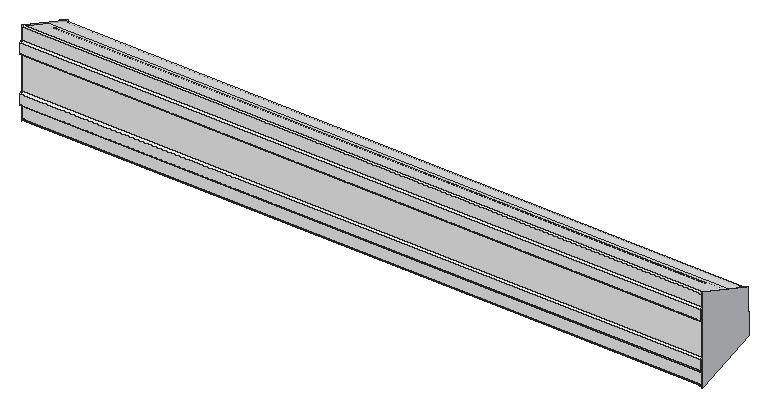
Revit family "LTRI", category Lighting Fixtures, host Wall, Revit 2019
Family settings
  Host = Wall
  Round Connector Dimension = Use Diameter
  Part Type = Normal
  OmniClass Number = 23.80.70.11.14
  OmniClass Title = General Luminaries, Directional
  Always vertical = Yes
  Cut with Voids When Loaded = No
  Light Source = Yes
  Shared = No
  Room Calculation Point = No
Parameters (values of type "LTRI48-LED840K050LUNV")
  Wattage = 34 W
  built-in parameter 1150110 = 1 (stored number, unit not read)
  Voltage = 120 V
  URL = "https://www.viscor.com/en/products/ltri"
  built-in parameter 1114217 = 0.9 (stored number, unit not read)
  Tilt Angle = 180.00°
  built-in parameter 1150109 = 1 (stored number, unit not read)
  built-in parameter 1150134 = 12
  built-in parameter 1150113 = 1 (stored number, unit not read)
  Photometric Web File = "LTRI48-LED840K050LUNV-G002231.IES"
  Model = "LTRI"  # constant formula
  Manufacturer = "VISIONEERING by VISCOR"  # constant formula
  Lumens = 5066 lm
  built-in parameter 1150115 = 1 (stored number, unit not read)
  built-in parameter 1150105 = 403.14 (stored number, unit not read)
  built-in parameter 1150137 = (empty or 0)
  built-in parameter 1150139 = (empty or 0)
  Lens Finish = Polycarbonate - Viscor -  Soft Matte White Opal
  Length = 3' - 9 15/256"
  Lamp Wattage = 34 VA
  built-in parameter 1150112 = 1 (stored number, unit not read)
  built-in parameter 1150114 = 1 (stored number, unit not read)
  Lamp = "LED"  # constant formula
  built-in parameter 1150132 = (empty or 0)
  built-in parameter 1150102 = (empty or 0)
  built-in parameter 1150138 = (empty or 0)
  built-in parameter 1150107 = 4000 (stored number, unit not read)
  built-in parameter 1150106 = 4.0314 (stored number, unit not read)
  Housing Finish = Metal - Viscor - White
  Emit from Line Length = Length  # 3' - 9 15/256"
  built-in parameter 1150104 = 13.843 (stored number, unit not read)
  Dimming Lamp Color Temperature Shift = <None>
  Description = " ADA Surface Mount LED Luminaire"  # constant formula
  Color Filter = 16777215
  built-in parameter 1114218 = 1 (stored number, unit not read)
  built-in parameter 1150133 = 10 (stored number, unit not read)
  Assembly Code = "D5020200"
  Apparent Load = Lamp Wattage  # 34 VA
Types (6): name | Wattage | Photometric Web File | Lumens | built-in parameter 1150105 | Length | Lamp Wattage | built-in parameter 1150106 | Emit from Line Length | built-in parameter 1150104 | Apparent Load
  (no name) | 34 W | "LTRI48-LED840K050LUNV-G002231.IES" | 5066 lm | 403.14 (stored number, unit not read) | 3' - 9 15/256" | 34 VA | 4.0314 (stored number, unit not read) | 3' - 9 15/256" | 13.843 (stored number, unit not read) | 34 VA
  LTRI24-LED840K010LUNV | 8 W | "LTRI24-LED840K010LUNV-G002212.IES" | 1032 lm | 82.124 (stored number, unit not read) | 1' - 11 15/256" | 8 VA | 0.82124 (stored number, unit not read) | 1' - 11 15/256" | 11.984 (stored number, unit not read) | 8 VA
  LTRI48-LED840K018LUNV | 13 W | "LTRI48-LED840K018LUNV-G002217.IES" | 1807 lm | 143.8 (stored number, unit not read) | 3' - 9 15/256" | 13 VA | 1.438 (stored number, unit not read) | 3' - 9 15/256" | 12.914 (stored number, unit not read) | 13 VA
  LTRI24-LED840K016LUNV | 15 W | "LTRI24-LED840K016LUNV-G002214.IES" | 1620 lm | 128.92 (stored number, unit not read) | 1' - 11 15/256" | 15 VA | 1.2892 (stored number, unit not read) | 1' - 11 15/256" | 10.034 (stored number, unit not read) | 15 VA
  LTRI48-LED840K037LUNV | 29 W | "LTRI48-LED840K037LUNV-G002229.IES" | 3770 lm | 300.01 (stored number, unit not read) | 3' - 9 15/256" | 29 VA | 3.0001 (stored number, unit not read) | 3' - 9 15/256" | 12.077 (stored number, unit not read) | 29 VA
  LTRI48-LED840K050LUNV | 34 W | "LTRI48-LED840K050LUNV-G002231.IES" | 5066 lm | 403.14 (stored number, unit not read) | 3' - 9 15/256" | 34 VA | 4.0314 (stored number, unit not read) | 3' - 9 15/256" | 13.843 (stored number, unit not read) | 34 VA
Reference planes (in)
  plane 1: y = 0
  plane 2 "Light Source Axis (F/B)": y = 8
  plane 3 "Light Source Axis (L/R)": x = -1.43133
  plane 4 "Light Source Elevation": z = 77.42225
  plane 5: x = -23.96062
  plane 6: x = 21.09797
  plane 7: x = -23.92937
  plane 8: x = 21.06672
  plane 9: x = -23.49312
  plane 10: x = 20.59922
  plane 11: x = 21.03547
  plane 12: x = -23.89812
Forms (in)
  Extrusion 1, solid, material "Metal - Viscor - White" <- "Housing Finish"
    sketch origin (-1.43133, 0, 0) x (0, -1, 0) y (0, 0, 1)
      loop
        arc (-3.2176, 74.64345) -> (-3.15442, 74.65177) -> (-3.125, 74.70829) r 0.069
        line (-3.125, 74.70829) -> (-3.125, 75.47232) -> (-3, 75.59732) -> (-3, 76.24718) -> (-3.125, 76.37218) -> (-3.125, 78.47232) -> (-3, 78.59732) -> (-3, 79.24718) -> (-3.125, 79.37218) -> (-3.125, 80.13621)
        arc (-3.125, 80.13621) -> (-3.15442, 80.19273) -> (-3.2176, 80.20105) r 0.069
        line (-3.2176, 80.20105) -> (-5.305, 79.44129) -> (-5.29431, 79.41193) -> (-3.20691, 80.17168)
        arc (-3.20691, 80.17168) -> (-3.17235, 80.16713) -> (-3.15625, 80.13621) r 0.03775
        line (-3.15625, 80.13621) -> (-3.15625, 79.35923) -> (-3.03125, 79.23423) -> (-3.03125, 78.61027) -> (-3.15625, 78.48527) -> (-3.15625, 76.35923) -> (-3.03125, 76.23423) -> (-3.03125, 75.61027) -> (-3.15625, 75.48527) -> (-3.15625, 74.70829)
        arc (-3.15625, 74.70829) -> (-3.17235, 74.67737) -> (-3.20691, 74.67282) r 0.03775
        line (-3.20691, 74.67282) -> (-5.29431, 75.43257) -> (-5.305, 75.4032) -> (-3.2176, 74.64345)
    from -22.49805 to 22.49805
  Extrusion 2, solid, material "Metal - Viscor - White" <- "Housing Finish"
    sketch origin (-1.43133, 0, 0) x (0, -1, 0) y (0, 0, 1)
      loop
        line (-4.9886, 75.41746) -> (-4.97791, 75.44682) -> (-5.2409, 75.54254)
        arc (-5.2409, 75.54254) -> (-5.26441, 75.56828) -> (-5.25682, 75.6023) r 0.03775
        line (-5.25682, 75.6023) -> (-4.96775, 75.94679) -> (-4.96775, 78.8977) -> (-5.25682, 79.2422)
        arc (-5.25682, 79.2422) -> (-5.26441, 79.27622) -> (-5.2409, 79.30196) r 0.03775
        line (-5.2409, 79.30196) -> (-4.97791, 79.39767) -> (-4.9886, 79.42704) -> (-5.2516, 79.33132)
        arc (-5.2516, 79.33132) -> (-5.2946, 79.28429) -> (-5.28074, 79.2221) r 0.069
        line (-5.28074, 79.2221) -> (-4.999, 78.88633) -> (-4.999, 75.95817) -> (-5.28074, 75.6224)
        arc (-5.28074, 75.6224) -> (-5.2946, 75.56021) -> (-5.2516, 75.51318) r 0.069
        line (-5.2516, 75.51318) -> (-4.9886, 75.41746)
    from -22.03055 to 22.0618
  Extrusion 3, solid, material "Polycarbonate - Viscor -  Soft Matte White Opal" <- "Lens Finish"
    sketch origin (-1.43133, 0, 0) x (0, -1, 0) y (0, 0, 1)
      loop
        line (-5, 79.51433) -> (-6.81986, 78.85196)
        arc (-6.81986, 78.85196) -> (-6.8671, 78.81571) -> (-6.885, 78.75893) r 0.099
        line (-6.885, 78.75893) -> (-6.885, 76.08557)
        arc (-6.885, 76.08557) -> (-6.8671, 76.02879) -> (-6.81986, 75.99254) r 0.099
        line (-6.81986, 75.99254) -> (-5, 75.33017) -> (-4.97996, 75.38523) -> (-6.79982, 76.0476)
        arc (-6.79982, 76.0476) -> (-6.8191, 76.06239) -> (-6.82641, 76.08557) r 0.04041
        line (-6.82641, 76.08557) -> (-6.82641, 78.75893)
        arc (-6.82641, 78.75893) -> (-6.8191, 78.7821) -> (-6.79982, 78.7969) r 0.04041
        line (-6.79982, 78.7969) -> (-4.97996, 79.45927) -> (-5, 79.51433)
    from -22.49805 to 22.49805
  Extrusion 4, solid, material "Metal - Viscor - White" <- "Housing Finish"
    sketch origin (-1.43133, 0, 0) x (0, -1, 0) y (0, 0, 1)
      loop
        line (-3.224, 74.92225) -> (-3.224, 79.92225) -> (-3.89002, 79.92225) -> (-4.9226, 79.5459)
        arc (-4.9226, 79.5459) -> (-4.95552, 79.52064) -> (-4.968, 79.48106) r 0.069
        line (-4.968, 79.48106) -> (-4.968, 75.36345)
        arc (-4.968, 75.36345) -> (-4.95552, 75.32387) -> (-4.92276, 75.29813) r 0.069
        line (-4.92276, 75.29813) -> (-3.89002, 74.92225) -> (-3.224, 74.92225)
    from 22.49805 to 22.5293
  Extrusion 5, solid
    sketch origin (-1.43133, 0, 0) x (0, -1, 0) y (0, 0, -1)
      loop
        line (-3.224, -74.92225) -> (-3.89002, -74.92225) -> (-4.92276, -75.29813)
        arc (-4.92276, -75.29813) -> (-4.95552, -75.32387) -> (-4.968, -75.36345) r 0.069
        line (-4.968, -75.36345) -> (-4.968, -79.48106)
        arc (-4.968, -79.48106) -> (-4.95552, -79.52064) -> (-4.9226, -79.5459) r 0.069
        line (-4.9226, -79.5459) -> (-3.89002, -79.92225) -> (-3.224, -79.92225) -> (-3.224, -74.92225)
    from 22.4668 to 22.49805
  Extrusion 6, solid
    sketch origin (-1.43133, 0, 0) x (0, -1, 0) y (0, 0, 1)
      loop
        line (-3.125, 74.57649) -> (-3.125, 80.268) -> (-6.91625, 78.8881) -> (-6.91625, 75.9564) -> (-3.125, 74.57649)
    from 22.4668 to 22.49805
  Extrusion 7, solid
    sketch origin (-1.43133, 0, 0) x (0, -1, 0) y (0, 0, -1)
      loop
        line (-3.125, -74.57649) -> (-6.91625, -75.9564) -> (-6.91625, -78.8881) -> (-3.125, -80.268) -> (-3.125, -74.57649)
    from 22.49805 to 22.5293
Text (in)
  text "Placement Side" at (0, 40.15149, 123.01588), in view "Right"
  text "Placement Side" at (-85.66089, 49.38177, 0), in view "Ref. Level"
  text "Placement Side" at (0, 85.69064, 140.59947), in view "Left"
Dimensions and locks (in)
  equal spacing: plane 5, plane 3 "Light Source Axis (L/R)", plane 6
  "Length": plane 5 to plane 6
  plane 5 to plane 7 to plane 3 "Light Source Axis (L/R)" = 0' - 0 1/32" locked, 1' - 10.49805"
  locked: plane 8 to plane 6 at 0.03125
  locked: plane 9 to plane 5 at 0.4675
  locked: plane 10 to plane 8 at 0.4675
  plane 9 to plane 12 to Extrusion 4 = 0' - 0.405", 0' - 0 1/32"
  Extrusion 7 to plane 11 to plane 10 = 0' - 0 1/32", 0' - 0.43625"
  aligned: level to host wall
  aligned and locked: plane 3 "Light Source Axis (L/R)" to imposter light
  aligned and locked: plane 2 "Light Source Axis (F/B)" to imposter light
  aligned and locked: plane 4 "Light Source Elevation" to imposter light
  aligned and locked: plane 8 to Extrusion 1
  aligned and locked: Extrusion 1 to plane 7
  aligned and locked: plane 10 to Extrusion 2
  aligned and locked: Extrusion 2 to plane 9
  aligned and locked: plane 8 to Extrusion 3
  aligned and locked: Extrusion 3 to plane 7
  aligned and locked: Extrusion 4 to plane 5
  aligned and locked: plane 7 to Extrusion 4
  aligned and locked: plane 6 to Extrusion 7
  aligned and locked: Extrusion 7 to plane 8
  aligned and locked: plane 8 to Extrusion 5
  aligned and locked: Extrusion 6 to plane 7
  aligned and locked: plane 11 to Extrusion 5
  aligned and locked: Extrusion 6 to plane 12
Automatic sketch dimensions
  Extrusion 1 sketch curve to Extrusion 1 sketch curve = 0' - 0"  (x8)
  Extrusion 1 sketch curve to host wall = 0' - 0"  (x2)
  host wall to Extrusion 1 sketch curve = 0' - 0 1/32"  (x2)
  host wall to Extrusion 1 sketch curve = 0' - 0 1/8"  (x3)
  Extrusion 1 sketch curve to Extrusion 1 sketch curve = 0' - 0 1/32"  (x3)
  Extrusion 1 sketch curve to Extrusion 1 sketch curve = 0' - 0.03775"  (x2)
  Extrusion 1 sketch curve to Extrusion 1 sketch curve = 0' - 2.13806"  (x2)
  Extrusion 1 sketch curve to Extrusion 1 sketch curve = 0' - 0.01069"  (x4)
  plane 4 "Light Source Elevation" to Extrusion 1 sketch curve = 0' - 2.71396"
  plane 4 "Light Source Elevation" to Extrusion 1 sketch curve = 0' - 2.01904"
  Extrusion 1 sketch curve to Extrusion 1 sketch curve = 0' - 0.02937"  (x2)
  Extrusion 1 sketch curve to Extrusion 1 sketch curve = 0' - 0.76403"  (x2)
  Extrusion 1 sketch curve to Extrusion 1 sketch curve = 0' - 0.01294"  (x8)
  Extrusion 1 sketch curve to Extrusion 1 sketch curve = 0' - 0 1/8"  (x4)
  Extrusion 1 sketch curve to Extrusion 1 sketch curve = 0' - 0.62396"  (x2)
  Extrusion 1 sketch curve to plane 4 "Light Source Elevation" = 0' - 1.05007"
  Extrusion 1 sketch curve to plane 4 "Light Source Elevation" = 0' - 1.98968"
  Extrusion 1 sketch curve to Extrusion 1 sketch curve = 0' - 0.01291"  (x2)
  Extrusion 2 sketch curve to Extrusion 2 sketch curve = 0' - 0"  (x4)
  host wall to Extrusion 2 sketch curve = 0' - 2.28074"  (x2)
  Extrusion 2 sketch curve to Extrusion 2 sketch curve = 0' - 0.02393"  (x2)
  plane 4 "Light Source Elevation" to Extrusion 2 sketch curve = 0' - 1.90907"
  Extrusion 2 sketch curve to Extrusion 2 sketch curve = 0' - 0.00521"  (x2)
  Extrusion 2 sketch curve to Extrusion 2 sketch curve = 0' - 0.01071"  (x2)
  Extrusion 2 sketch curve to Extrusion 2 sketch curve = 0' - 0.02889"
  Extrusion 2 sketch curve to Extrusion 2 sketch curve = 0' - 0.01297"
  Extrusion 2 sketch curve to Extrusion 2 sketch curve = 0' - 0.28174"
  Extrusion 2 sketch curve to Extrusion 2 sketch curve = 0' - 0.263"  (x2)
  Extrusion 2 sketch curve to Extrusion 2 sketch curve = 0' - 0.01069"  (x2)
  Extrusion 2 sketch curve to Extrusion 2 sketch curve = 0' - 0 1/32"
  Extrusion 2 sketch curve to Extrusion 2 sketch curve = 0' - 0.06636"
  Extrusion 2 sketch curve to Extrusion 2 sketch curve = 0' - 0.03545"
  Extrusion 2 sketch curve to Extrusion 2 sketch curve = 0' - 0.34449"
  Extrusion 2 sketch curve to Extrusion 2 sketch curve = 0' - 0.01137"  (x2)
  Extrusion 2 sketch curve to plane 4 "Light Source Elevation" = 0' - 1.46408"
  Extrusion 2 sketch curve to Extrusion 2 sketch curve = 0' - 0.33577"
  Extrusion 2 sketch curve to Extrusion 2 sketch curve = 0' - 0.0201"
  Extrusion 2 sketch curve to Extrusion 2 sketch curve = 0' - 0.0243"
  Extrusion 3 sketch curve to Extrusion 3 sketch curve = 0' - 0"  (x14)
  plane 2 "Light Source Axis (F/B)" to Extrusion 3 sketch curve = 0' - 1.214"  (x2)
  Extrusion 3 sketch curve to Extrusion 3 sketch curve = 0' - 1.786"  (x2)
  Extrusion 3 sketch curve to Extrusion 3 sketch curve = 0' - 0.02004"  (x4)
  plane 4 "Light Source Elevation" to Extrusion 3 sketch curve = 0' - 2.09208"
  Extrusion 3 sketch curve to Extrusion 3 sketch curve = 0' - 0.05506"  (x2)
  plane 4 "Light Source Elevation" to Extrusion 3 sketch curve = 0' - 1.33668"
  Extrusion 3 sketch curve to plane 4 "Light Source Elevation" = 0' - 1.33668"
  Extrusion 3 sketch curve to Extrusion 3 sketch curve = 0' - 0.70034"
  Extrusion 3 sketch curve to Extrusion 3 sketch curve = 0' - 0.01382"  (x2)
  Extrusion 3 sketch curve to Extrusion 3 sketch curve = 0' - 0.04041"  (x2)
  Extrusion 3 sketch curve to Extrusion 3 sketch curve = 0' - 0 15/256"  (x2)
  host wall to Extrusion 4 sketch curve = 0' - 1.968"
  Extrusion 4 sketch curve to Extrusion 4 sketch curve = 0' - 0.069"  (x2)
  host wall to Extrusion 4 sketch curve = 0' - 0.89002"  (x2)
  host wall to Extrusion 4 sketch curve = 0' - 0.224"
  plane 4 "Light Source Elevation" to Extrusion 4 sketch curve = 0' - 2 1/2"
  Extrusion 4 sketch curve to Extrusion 4 sketch curve = 0' - 0.4412"
  Extrusion 4 sketch curve to plane 4 "Light Source Elevation" = 0' - 2.05881"
  Extrusion 4 sketch curve to Extrusion 4 sketch curve = 0' - 0.44119"
  Extrusion 4 sketch curve to Extrusion 4 sketch curve = 0' - 0.02376"  (x2)
  Extrusion 4 sketch curve to Extrusion 4 sketch curve = 0' - 0.00016"  (x2)
  Extrusion 4 sketch curve to Extrusion 4 sketch curve = 0' - 0.00048"
  Extrusion 4 sketch curve to Extrusion 4 sketch curve = 0' - 0.00046"
  host wall to Extrusion 5 sketch curve = 0' - 1.968"
  Extrusion 5 sketch curve to Extrusion 5 sketch curve = 0' - 0.069"  (x2)
  host wall to Extrusion 5 sketch curve = 0' - 0.89002"  (x2)
  host wall to Extrusion 5 sketch curve = 0' - 0.224"
  Extrusion 5 sketch curve to plane 4 "Light Source Elevation" = 0' - 2 1/2"
  Extrusion 5 sketch curve to Extrusion 5 sketch curve = 0' - 0.44119"
  plane 4 "Light Source Elevation" to Extrusion 5 sketch curve = 0' - 2.0588"
  Extrusion 5 sketch curve to Extrusion 5 sketch curve = 0' - 0.4412"
  Extrusion 5 sketch curve to Extrusion 5 sketch curve = 0' - 0.02376"  (x2)
  Extrusion 5 sketch curve to Extrusion 5 sketch curve = 0' - 0.00016"  (x2)
  Extrusion 5 sketch curve to Extrusion 5 sketch curve = 0' - 0.00046"
  Extrusion 5 sketch curve to Extrusion 5 sketch curve = 0' - 0.00048"
  plane 2 "Light Source Axis (F/B)" to Extrusion 6 sketch curve = 0' - 1.08375"  (x2)
  host wall to Extrusion 6 sketch curve = 0' - 0 1/8"
  plane 4 "Light Source Elevation" to Extrusion 6 sketch curve = 0' - 2.84576"
  plane 4 "Light Source Elevation" to Extrusion 6 sketch curve = 0' - 1.46585"
  Extrusion 6 sketch curve to plane 4 "Light Source Elevation" = 0' - 1.46585"
  Extrusion 6 sketch curve to plane 4 "Light Source Elevation" = 0' - 2.84576"
  plane 2 "Light Source Axis (F/B)" to Extrusion 7 sketch curve = 0' - 1.08375"  (x2)
  host wall to Extrusion 7 sketch curve = 0' - 0 1/8"
  Extrusion 7 sketch curve to plane 4 "Light Source Elevation" = 0' - 2.84576"
  Extrusion 7 sketch curve to plane 4 "Light Source Elevation" = 0' - 1.46585"
  plane 4 "Light Source Elevation" to Extrusion 7 sketch curve = 0' - 1.46585"
  plane 4 "Light Source Elevation" to Extrusion 7 sketch curve = 0' - 2.84576"
Connectors (in)
  electrical at (-1.44695, 4.999, 77.42225), driven by "Voltage", driven by "Lamp Wattage"
    settings: on Extrusion 2, index 1, voltage 120 V, apparent load 0 VA, apparent load phase1 34 VA, apparent load phase2 0 VA, apparent load phase3 0 VA, power factor 1, load classification "Other", number of poles 1, system type 31, power factor state 1, is connector primary yes, connector utility no, sub classification motor no, connector description ""
